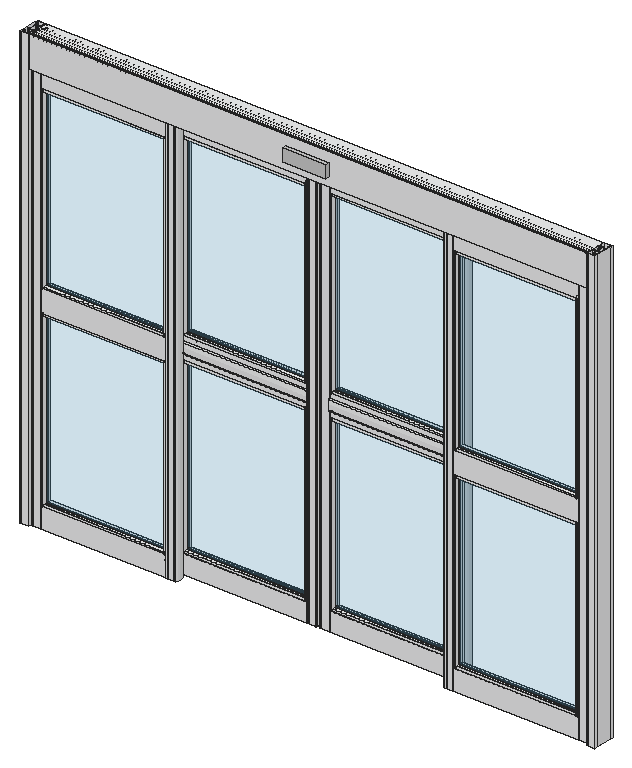
Revit family "2-5-14_Sliding-Door_TX9200SL_Bipart-Outside-Slide-O-SX-SX-O-w-Elec-Lock-Flush-Mnt-Exit-Panic-HDW_Tormax", category Doors, host Wall, Revit 2026
Family settings
  Host = Wall
  Classification Number = 23.30.10.00
  Always vertical = Yes
  Cut with Voids When Loaded = No
  Shared = No
  Room Calculation Point = No
Parameters (values of type "10'-0" Package Width")
  Width = 10' - 0"
  URL = "https://www.tormaxusa.com"
  Thickness = 0' - 4 1/2"  # constant formula
  Specification = "https://www.arcat.com/company/tormax-usa-inc-43969/spec"
  Rough Width = Width + 0' 0 1/2"  # 10' - 0 1/2"
  Rough Height = Height + 0' 0 1/4"  # 7' - 8 1/4"
  Product Page URL = "https://www.arcat.com/arcatcos/cos43/arc43969.html"
  Model = "TX9200SL"
  Manufacturer = "Tormax"
  Keynote = "08 42 29"
  Height = 7' - 8"  # constant formula
  Glass = Glass - Tormax
  Frame Projection Ext. = 0' - 0"
  Frame Projection Int. = 0' - 0"
  Frame Width = 0' - 0"
  Wall Closure = By host
  Door Width = Width / 4 + 0' 0 7/16"  # 2' - 6 7/16"
  Door Height = Height  # 7' - 8"
  Frame Material = Aluminum - Tormax
  Description = "Bipart Outside Slide Application (O-SX-SX-O) w/ Electric Lock & Flush Mount Exit Panic HDW, 10'-0\" Package Width"
  Define Thermal Properties by = Schematic Type
  Copyright = "ARCAT"
  CAD Details = "https://www.arcat.com/company/tormax-usa-inc-43969/cad"
  Analytic Construction = "<None>"
Reference planes (in)
  plane 1 "Center (Front/Back)": y = 0
  plane 2 "Center (Left/Right)": x = 0
  plane 3 "Left": x = -60.25
  plane 4 "Right": x = 60.25
  plane 5 "Top": z = 92.25
  plane 6 "Exterior": y = 3
  plane 7 "Interior": y = -3
  plane 8: x = -0.21875
  plane 9: x = 0.21875
  plane 10: y = -2.25
  plane 11 "4": z = 85.5
  plane 12: x = -60
  plane 13: x = 60
  plane 14: z = 92
  plane 15: y = 2.25
  plane 16: x = -58.24908
  plane 17: x = 58.24908
  plane 18: y = 1.433
  plane 19: y = -0.84
  plane 20: x = -15.4375
  plane 21: x = -30.65625
  plane 22: x = 30.65625
  plane 23: x = 15.4375
Forms (in)
  Extrusion 1, solid, material "Plastic - Tormax - Grey"
    sketch origin (0, 0, 0) x (1, 0, 0) y (0, 0, 1)
      loop
        line (-4.5, 90.055) -> (-4.5, 87.445) -> (4.5, 87.445) -> (4.5, 90.055) -> (-4.5, 90.055)
    from 2.23457 to 3.23457
  Extrusion 2, solid, material "Plastic - Tormax - Grey"
    sketch origin (0, 0, 0) x (1, 0, 0) y (0, 0, 1)
      loop
        line (-4.5, 90.055) -> (-4.5, 87.445) -> (4.5, 87.445) -> (4.5, 90.055) -> (-4.5, 90.055)
    from -3.23036 to -2.23036
  Sweep 3, solid, material "Aluminum - Tormax" <- "Frame Material"
    path origin (0, 0, 0) x (1, 0, 0) y (0, 0, 1)
      loop
        line (-58.24908, 85.5) -> (58.24908, 85.5)
    profile origin (0, 0, 85.5) x (0, 0, 1) y (0, -1, 0)
      loop
        line (5.77619, -2.07466) -> (5.99221, -2.07466) -> (5.99221, -1.99751) -> (5.93513, -1.99751)
        arc (5.93513, -1.99751) -> (5.89217, -1.97971) -> (5.87438, -1.93675) r 0.06075
        line (5.87438, -1.93675) -> (5.87438, -1.35631) -> (6.14932, -1.35631) -> (6.14932, -1.4827) -> (6.22817, -1.4827)
        arc (6.22817, -1.4827) -> (6.39719, -1.79317) -> (6.34244, -2.14241) r 0.55026
        line (6.34244, -2.14241) -> (6.29099, -2.1562) -> (6.29099, -1.87738) -> (5.93246, -1.87738)
        arc (5.93246, -1.87738) -> (5.88314, -1.9267) -> (5.93246, -1.97602) r 0.04932
        line (5.93246, -1.97602) -> (6.03008, -1.97602) -> (6.03008, -2.10552) -> (0.40539, -2.10552) -> (0.40539, -1.68048) -> (0.28141, -1.68048) -> (0.28141, -2.23036) -> (6.5, -2.23036) -> (6.5, 1.72592) -> (6.37515, 1.85076) -> (6.37515, 2.08622)
        arc (6.37515, 2.08622) -> (6.39129, 2.10725) -> (6.41577, 2.09711) r 0.02177
        line (6.41577, 2.09711) -> (6.47243, 1.99896)
        arc (6.47243, 1.99896) -> (6.48905, 1.99208) -> (6.5, 2.00635) r 0.01477
        line (6.5, 2.00635) -> (6.5, 2.23457) -> (0, 2.23457) -> (0, -0.04489) -> (-0.21462, -0.04489) -> (-0.21462, -0.08837) -> (-0.15431, -0.08837) -> (-0.15431, -0.15851) -> (-0.48395, -0.15851) -> (-0.48395, -0.08837) -> (-0.42504, -0.08837) -> (-0.42504, -0.04489) -> (-0.62422, -0.04489) -> (-0.62422, -0.45028) -> (-0.42504, -0.45028) -> (-0.42504, -0.4068) -> (-0.48395, -0.4068) -> (-0.48395, -0.33666) -> (-0.15431, -0.33666) -> (-0.15431, -0.4068) -> (-0.21462, -0.4068) -> (-0.21462, -0.45028) -> (-0.01964, -0.45028) -> (-0.01964, -0.28897) -> (0.23145, -0.28897) -> (0.23145, -0.84785) -> (0.34867, -1.03258)
        arc (0.34867, -1.03258) -> (0.36443, -1.03854) -> (0.37455, -1.02507) r 0.01403
        line (0.37455, -1.02507) -> (0.37455, -0.21669)
        arc (0.37455, -0.21669) -> (0.40392, -0.14579) -> (0.47481, -0.11643) r 0.10026
        line (0.47481, -0.11643) -> (0.59196, -0.11643) -> (0.59196, -0.23145) -> (0.89635, -0.23145) -> (0.89635, -0.1529) -> (0.76309, -0.1529) -> (0.76309, -0.01262) -> (0.8697, -0.01262) -> (0.8697, 0.06867) -> (1.19934, 0.06867) -> (1.19934, -0.01262) -> (1.30595, -0.01262) -> (1.30595, -0.1529) -> (1.17269, -0.1529) -> (1.17269, -0.23145) -> (1.36206, -0.23145) -> (1.43332, -0.07864)
        arc (1.43332, -0.07864) -> (1.6158, 0.06179) -> (1.83569, -0.00654) r 0.25
        line (1.83569, -0.00654) -> (1.96422, -0.13365)
        arc (1.96422, -0.13365) -> (1.99627, -0.15695) -> (2.0338, -0.16963) r 0.13141
        line (2.0338, -0.16963) -> (2.11423, -0.18382)
        arc (2.11423, -0.18382) -> (2.2005, -0.23362) -> (2.23457, -0.32723) r 0.14562
        line (2.23457, -0.32723) -> (2.23457, -0.9202) -> (2.38466, -0.9202) -> (2.38466, 0.06733) -> (2.28156, 0.17043) -> (2.22615, 0.11502) -> (2.32086, 0.02032) -> (2.22127, -0.07928) -> (2.14619, -0.00421) -> (2.08868, -0.06172) -> (1.85512, 0.17184) -> (1.91264, 0.22935) -> (1.83689, 0.3051) -> (1.93648, 0.40469) -> (2.03117, 0.31001) -> (2.08658, 0.36541) -> (1.83128, 0.62071) -> (1.9456, 0.73504) -> (1.9456, 1.35354) -> (1.75483, 1.53331) -> (1.75483, 2.06344) -> (5.84651, 2.06344)
        arc (5.84651, 2.06344) -> (5.93664, 2.02611) -> (5.97397, 1.93598) r 0.12746
        line (5.97397, 1.93598) -> (5.97397, 1.7394) -> (6.05393, 1.7394) -> (6.05393, 1.87407) -> (6.1928, 1.87407) -> (6.1928, 1.76475) -> (6.24189, 1.76475) -> (6.24189, 1.43623) -> (6.1928, 1.43623) -> (6.1928, 1.3298) -> (6.05393, 1.3298) -> (6.05393, 1.46306) -> (5.97397, 1.46306) -> (5.97397, 1.25125) -> (6.27276, 1.25125) -> (6.27276, 1.32981)
        arc (6.27276, 1.32981) -> (6.30151, 1.35856) -> (6.33027, 1.32981) r 0.02876
        line (6.33027, 1.32981) -> (6.33027, 0.99434)
        arc (6.33027, 0.99434) -> (6.30151, 0.96559) -> (6.27276, 0.99434) r 0.02876
        line (6.27276, 0.99434) -> (6.27276, 1.0731) -> (5.97397, 1.0731) -> (5.97397, 0.85988) -> (6.05393, 0.85988) -> (6.05393, 0.99314) -> (6.1928, 0.99314) -> (6.1928, 0.88653) -> (6.33027, 0.88653) -> (6.33027, 0.55689) -> (6.1928, 0.55689) -> (6.1928, 0.45028) -> (6.05393, 0.45028) -> (6.05393, 0.58354) -> (5.97397, 0.58354) -> (5.97397, 0.37032) -> (6.27276, 0.37032) -> (6.27276, 0.44908)
        arc (6.27276, 0.44908) -> (6.30151, 0.47783) -> (6.33027, 0.44908) r 0.02876
        line (6.33027, 0.44908) -> (6.33027, 0.11503)
        arc (6.33027, 0.11503) -> (6.30151, 0.08627) -> (6.27276, 0.11503) r 0.02876
        line (6.27276, 0.11503) -> (6.27276, 0.19378) -> (5.97397, 0.19378) -> (5.97397, -0.01944) -> (6.05393, -0.01944) -> (6.05393, 0.11382) -> (6.1928, 0.11382) -> (6.1928, 0.00721) -> (6.33027, 0.00721) -> (6.33027, -0.32403) -> (6.1928, -0.32403) -> (6.1928, -0.42995) -> (6.05393, -0.42995) -> (6.05393, -0.29669) -> (5.97397, -0.29669) -> (5.97397, -0.53164) -> (6.03429, -0.53164) -> (6.03429, -0.64246) -> (6.11284, -0.64246) -> (6.11284, -0.53164) -> (6.25171, -0.53164) -> (6.25171, -1.15867) -> (6.06795, -1.15867) -> (6.03942, -1.11939) -> (5.97397, -1.11939) -> (5.97397, -1.1664)
        arc (5.97397, -1.1664) -> (5.95775, -1.20557) -> (5.91858, -1.22179) r 0.05539
        line (5.91858, -1.22179) -> (5.77619, -1.22179) -> (5.77619, -2.07466)
      loop
        line (0.07995, 1.86565) -> (0.07995, 0.39978) -> (0.26091, 0.39978) -> (0.26091, 0.28335) -> (0.3058, 0.2539) -> (0.3058, 0.03421) -> (0.47711, 0.03365) -> (0.7408, 0.21838) -> (1.4982, 0.21838) -> (1.69036, 0.25479) -> (1.69036, 0.66367) -> (1.33962, 0.66367) -> (1.33962, 0.89776) -> (1.41957, 0.89776) -> (1.41957, 0.76309) -> (1.55985, 0.76309) -> (1.55985, 0.8711) -> (1.75062, 0.8711) -> (1.75062, 1.20075) -> (1.55985, 1.20075) -> (1.55985, 1.30735) -> (1.41957, 1.30735) -> (1.41957, 1.17409) -> (1.33962, 1.17409) -> (1.33962, 1.38773) -> (1.5851, 1.38773) -> (1.5851, 2.06344) -> (0.30619, 2.06344) -> (0.30619, 1.97106) -> (0.26091, 1.94734) -> (0.26091, 1.86565) -> (0.07995, 1.86565)
      loop
        line (0, -2.10973) -> (0, -1.55985) -> (2.37204, -1.55985)
        arc (2.37204, -1.55985) -> (2.41952, -1.67959) -> (2.53701, -1.73239) r 0.17128
        line (2.53701, -1.73239) -> (2.78024, -1.73239) -> (2.78024, -1.49813) -> (2.70028, -1.49813) -> (2.70028, -1.63279) -> (2.56141, -1.63279) -> (2.56141, -1.52478) -> (2.46883, -1.52478) -> (2.46883, -1.19514) -> (2.56141, -1.19514) -> (2.56141, -1.08853) -> (2.70028, -1.08853) -> (2.70028, -1.22179) -> (2.78024, -1.22179) -> (2.78024, -0.98753) -> (2.53714, -0.98753)
        arc (2.53714, -0.98753) -> (2.41956, -1.04028) -> (2.37204, -1.16007) r 0.17128
        line (2.37204, -1.16007) -> (0.00631, -1.16007) -> (0.00631, -0.61019) -> (-0.98473, -0.61019) -> (-0.98473, -1.53213)
        arc (-0.98473, -1.53213) -> (-0.9181, -1.59876) -> (-0.85147, -1.53213) r 0.06663
        line (-0.85147, -1.53213) -> (-0.85147, -1.2004)
        arc (-0.85147, -1.2004) -> (-0.77362, -1.12255) -> (-0.69577, -1.2004) r 0.07785
        line (-0.69577, -1.2004) -> (-0.69577, -1.68329) -> (-0.67052, -1.92596) -> (-0.67052, -2.10973) -> (0, -2.10973)
  Sweep 4, solid, material "Aluminum - Tormax" <- "Frame Material"
    path origin (0, 0, 0) x (1, 0, 0) y (0, 0, 1)
      loop
        line (-60, 92) -> (-60, 0)
    profile origin (-60, 0, 46) x (0, -1, 0) y (1, 0, 0)
      loop
        line (-2.25, 0) -> (-1.81515, 0) -> (-1.81515, 0.11322) -> (-1.69933, 0.11322)
        arc (-1.69933, 0.11322) -> (-1.69067, 0.15137) -> (-1.70596, 0.18738) r 0.06366
        line (-1.70596, 0.18738) -> (-1.81808, 0.18738)
        arc (-1.81808, 0.18738) -> (-1.86945, 0.1699) -> (-1.89951, 0.12472) r 0.08425
        line (-1.89951, 0.12472) -> (-2.12383, 0.12472) -> (-2.12383, 1.62444) -> (-1.01125, 1.62444)
        arc (-1.01125, 1.62444) -> (-0.97854, 1.4893) -> (-0.88136, 1.38986) r 0.2623
        line (-0.88136, 1.38986) -> (-0.88136, 0.87481)
        arc (-0.88136, 0.87481) -> (-0.81729, 0.72014) -> (-0.66261, 0.65607) r 0.21875
        line (-0.66261, 0.65607) -> (0.66817, 0.65607)
        arc (0.66817, 0.65607) -> (0.82039, 0.71912) -> (0.88344, 0.87134) r 0.21527
        line (0.88344, 0.87134) -> (0.88344, 1.39109)
        arc (0.88344, 1.39109) -> (0.97912, 1.49036) -> (1.01125, 1.62444) r 0.2623
        line (1.01125, 1.62444) -> (2.12383, 1.62444) -> (2.12383, 0.12472) -> (1.89951, 0.12472)
        arc (1.89951, 0.12472) -> (1.86945, 0.1699) -> (1.81808, 0.18738) r 0.08425
        line (1.81808, 0.18738) -> (1.71377, 0.18738)
        arc (1.71377, 0.18738) -> (1.69848, 0.15137) -> (1.70714, 0.11322) r 0.06366
        line (1.70714, 0.11322) -> (1.80734, 0.11322) -> (1.80734, 0) -> (2.25, 0) -> (2.25, 1.75092) -> (0.85905, 1.75092) -> (0.85905, 1.49159) -> (0.72205, 1.49159) -> (0.72205, 1.6564) -> (0.66591, 1.6564) -> (0.66591, 1.42631) -> (0.75855, 1.42631) -> (0.75855, 0.87892)
        arc (0.75855, 0.87892) -> (0.72992, 0.80981) -> (0.6608, 0.78118) r 0.09775
        line (0.6608, 0.78118) -> (-0.65544, 0.78118)
        arc (-0.65544, 0.78118) -> (-0.72688, 0.81077) -> (-0.75647, 0.88221) r 0.10104
        line (-0.75647, 0.88221) -> (-0.75647, 1.42631) -> (-0.65809, 1.42631) -> (-0.65809, 1.65835) -> (-0.72205, 1.65835) -> (-0.72205, 1.49159) -> (-0.85868, 1.49159) -> (-0.85868, 1.75092) -> (-2.25, 1.75092) -> (-2.25, 0)
      loop
        line (-1.77192, 0) -> (1.76565, 0) -> (1.76565, 0.07235) -> (1.60504, 0.07235) -> (1.60504, 0.18932) -> (1.6607, 0.18932) -> (1.59241, 0.37695)
        arc (1.59241, 0.37695) -> (1.54664, 0.39829) -> (1.52529, 0.35252) r 0.03571
        line (1.52529, 0.35252) -> (1.57291, 0.22167) -> (1.53738, 0.20277) -> (1.53738, 0.07235) -> (0.63819, 0.07235) -> (0.63819, 0.55414) -> (0.55418, 0.55414) -> (0.55418, 0.07235) -> (-1.53738, 0.07235) -> (-1.53738, 0.20277) -> (-1.57291, 0.22167) -> (-1.52529, 0.35252)
        arc (-1.52529, 0.35252) -> (-1.54664, 0.39829) -> (-1.59241, 0.37695) r 0.03571
        line (-1.59241, 0.37695) -> (-1.6607, 0.18932) -> (-1.60504, 0.18932) -> (-1.60504, 0.07235) -> (-1.77192, 0.07235) -> (-1.77192, 0)
      loop
        line (-0.57123, 1.42631) -> (-0.50727, 1.42631) -> (-0.50727, 1.69246) -> (0.50727, 1.69246) -> (0.50727, 1.42631) -> (0.57123, 1.42631) -> (0.57123, 1.69246) -> (0.72205, 1.69246) -> (0.72205, 1.75092) -> (-0.72205, 1.75092) -> (-0.72205, 1.69246) -> (-0.57123, 1.69246) -> (-0.57123, 1.42631)
  Sweep 5, solid, material "Aluminum - Tormax" <- "Frame Material"
    path origin (0, 0, 0) x (-1, 0, 0) y (0, 0, -1)
      loop
        line (-60, -92) -> (-60, 0)
    profile origin (60, 0, 46) x (0, -1, 0) y (1, 0, 0)
      loop
        line (-2.25, 0) -> (-2.25, -1.75092) -> (-0.85868, -1.75092) -> (-0.85868, -1.49159) -> (-0.72205, -1.49159) -> (-0.72205, -1.65835) -> (-0.65809, -1.65835) -> (-0.65809, -1.42631) -> (-0.75647, -1.42631) -> (-0.75647, -0.88221)
        arc (-0.75647, -0.88221) -> (-0.72688, -0.81077) -> (-0.65544, -0.78118) r 0.10104
        line (-0.65544, -0.78118) -> (0.6608, -0.78118)
        arc (0.6608, -0.78118) -> (0.72992, -0.80981) -> (0.75855, -0.87892) r 0.09775
        line (0.75855, -0.87892) -> (0.75855, -1.42631) -> (0.66591, -1.42631) -> (0.66591, -1.6564) -> (0.72205, -1.6564) -> (0.72205, -1.49159) -> (0.85905, -1.49159) -> (0.85905, -1.75092) -> (2.25, -1.75092) -> (2.25, 0) -> (1.80734, 0) -> (1.80734, -0.11322) -> (1.70714, -0.11322)
        arc (1.70714, -0.11322) -> (1.69848, -0.15137) -> (1.71377, -0.18738) r 0.06366
        line (1.71377, -0.18738) -> (1.81808, -0.18738)
        arc (1.81808, -0.18738) -> (1.86945, -0.1699) -> (1.89951, -0.12472) r 0.08425
        line (1.89951, -0.12472) -> (2.12383, -0.12472) -> (2.12383, -1.62444) -> (1.01125, -1.62444)
        arc (1.01125, -1.62444) -> (0.97912, -1.49036) -> (0.88344, -1.39109) r 0.2623
        line (0.88344, -1.39109) -> (0.88344, -0.87134)
        arc (0.88344, -0.87134) -> (0.82039, -0.71912) -> (0.66817, -0.65607) r 0.21527
        line (0.66817, -0.65607) -> (-0.66261, -0.65607)
        arc (-0.66261, -0.65607) -> (-0.81729, -0.72014) -> (-0.88136, -0.87481) r 0.21875
        line (-0.88136, -0.87481) -> (-0.88136, -1.38986)
        arc (-0.88136, -1.38986) -> (-0.97854, -1.4893) -> (-1.01125, -1.62444) r 0.2623
        line (-1.01125, -1.62444) -> (-2.12383, -1.62444) -> (-2.12383, -0.12472) -> (-1.89951, -0.12472)
        arc (-1.89951, -0.12472) -> (-1.86945, -0.1699) -> (-1.81808, -0.18738) r 0.08425
        line (-1.81808, -0.18738) -> (-1.70596, -0.18738)
        arc (-1.70596, -0.18738) -> (-1.69067, -0.15137) -> (-1.69933, -0.11322) r 0.06366
        line (-1.69933, -0.11322) -> (-1.81515, -0.11322) -> (-1.81515, 0) -> (-2.25, 0)
      loop
        line (-1.77192, 0) -> (-1.77192, -0.07235) -> (-1.60504, -0.07235) -> (-1.60504, -0.18932) -> (-1.6607, -0.18932) -> (-1.59241, -0.37695)
        arc (-1.59241, -0.37695) -> (-1.54664, -0.39829) -> (-1.52529, -0.35252) r 0.03571
        line (-1.52529, -0.35252) -> (-1.57291, -0.22167) -> (-1.53738, -0.20277) -> (-1.53738, -0.07235) -> (0.55418, -0.07235) -> (0.55418, -0.55414) -> (0.63819, -0.55414) -> (0.63819, -0.07235) -> (1.53738, -0.07235) -> (1.53738, -0.20277) -> (1.57291, -0.22167) -> (1.52529, -0.35252)
        arc (1.52529, -0.35252) -> (1.54664, -0.39829) -> (1.59241, -0.37695) r 0.03571
        line (1.59241, -0.37695) -> (1.6607, -0.18932) -> (1.60504, -0.18932) -> (1.60504, -0.07235) -> (1.76565, -0.07235) -> (1.76565, 0) -> (-1.77192, 0)
      loop
        line (-0.57123, -1.42631) -> (-0.57123, -1.69246) -> (-0.72205, -1.69246) -> (-0.72205, -1.75092) -> (0.72205, -1.75092) -> (0.72205, -1.69246) -> (0.57123, -1.69246) -> (0.57123, -1.42631) -> (0.50727, -1.42631) -> (0.50727, -1.69246) -> (-0.50727, -1.69246) -> (-0.50727, -1.42631) -> (-0.57123, -1.42631)
Lines and regions (in)
  Opening 1
    outline origin (-90, -3, 0) x (1, 0, 0) y (0, 0, 1)
      loop
        line (29.75, 0) -> (150.25, 0) -> (150.25, 92.25) -> (29.75, 92.25) -> (29.75, 0)
  symbolic lines
    curve 1: line (-18.4375, 6.25114, 0) -> (-17.13846, 7.00114, 0)
    curve 2: line (-18.4375, 6.25114, 0) -> (-17.13846, 5.50114, 0)
    curve 5: line (-18.4375, 6.25114, 0) -> (-15.4375, 6.25114, 0)
    curve 6: line (-15.4375, 6.25114, 0) -> (-12.4375, 6.25114, 0)
    curve 9: line (-18.4375, 0, 48.75) -> (-17.13846, 0, 49.5)
    curve 10: line (-18.4375, 0, 48.75) -> (-17.13846, 0, 48)
    curve 11: line (-18.4375, 0, 48.75) -> (-15.4375, 0, 48.75)
    curve 12: line (-15.4375, 0, 48.75) -> (-12.4375, 0, 48.75)
    curve 17: arc (-60.25, 2.25, 0) -> (-60.125, 2.20201, 0) -> (-60, 2.25, 0) r 0.1868
    curve 18: arc (-60.25, -2.25, 0) -> (-60.125, -2.20201, 0) -> (-60, -2.25, 0) r 0.1868
    curve 19: arc (60.25, 2.25, 0) -> (60.125, 2.20201, 0) -> (60, 2.25, 0) r 0.1868
    curve 20: arc (60.25, -2.25, 0) -> (60.125, -2.20201, 0) -> (60, -2.25, 0) r 0.1868
    curve 21: arc (0, -2.25, 92.25) -> (0, -2.20222, 92.125) -> (0, -2.25, 92) r 0.18739
    curve 22: arc (0, 2.25, 92.25) -> (0, 2.20222, 92.125) -> (0, 2.25, 92) r 0.18739
    curve 23: line (18.4375, 6.25114, 0) -> (17.13846, 7.00114, 0)
    curve 24: line (18.4375, 6.25114, 0) -> (17.13846, 5.50114, 0)
    curve 25: line (18.4375, 6.25114, 0) -> (15.4375, 6.25114, 0)
    curve 26: line (15.4375, 6.25114, 0) -> (12.4375, 6.25114, 0)
    curve 27: line (18.4375, 0, 48.75) -> (17.13846, 0, 49.5)
    curve 28: line (18.4375, 0, 48.75) -> (17.13846, 0, 48)
    curve 29: line (18.4375, 0, 48.75) -> (15.4375, 0, 48.75)
    curve 30: line (15.4375, 0, 48.75) -> (12.4375, 0, 48.75)
  symbolic lines, not visible
    curve 3: line (-27.55636, -4.55425, 0) -> (-26.25733, -3.80425, 0)
    curve 4: line (-27.55636, -4.55425, 0) -> (-26.25733, -5.30425, 0)
    curve 7: line (-27.55636, -4.55425, 0) -> (-24.55636, -4.55425, 0)
    curve 8: line (-24.55636, -4.55425, 0) -> (-21.55636, -4.55425, 0)
    curve 13: line (22.54055, 0, 51.7829) -> (23.83959, 0, 52.5329)
    curve 14: line (22.54055, 0, 51.7829) -> (23.83959, 0, 51.0329)
    curve 15: line (22.54055, 0, 51.7829) -> (25.54055, 0, 51.7829)
    curve 16: line (25.54055, 0, 51.7829) -> (28.54055, 0, 51.7829)
Text (in)
  text "Exterior" at (-113.21489, 18.10183, 0), in view "Ref. Level"
  text "Interior" at (-113.21489, -11.36704, 0), in view "Ref. Level"
  text "Exterior" at (0, 40.15149, 123.01588), in view "Right"
  text "Interior" at (0, -64.39139, 123.01588), in view "Right"
  text "Interior" at (0, -31.01599, 123.00693), in view "Left"
  text "Exterior" at (0, 54.57065, 123.00693), in view "Left"
Dimensions and locks (in)
  "Rough Height": host wall to plane 5 "Top"
  equal spacing: plane 3 "Left", plane 2 "Center (Left/Right)", plane 4 "Right"
  "Rough Width": plane 3 "Left" to plane 4 "Right"
  equal spacing: plane 12, plane 2 "Center (Left/Right)", plane 13
  "Width": plane 12 to plane 13
  "Door Height": plane 14 to level
  plane 14 to plane 11 "4" = 0' - 6 1/2"
  locked: plane 11 "4" to level at 85.5
  locked: plane 12 to plane 16 at 1.75092
  locked: plane 17 to plane 13 at 1.75092
  equal spacing: plane 8, plane 2 "Center (Left/Right)", plane 9
  plane 8 to plane 9 = 0' - 0 7/16"
  plane 2 "Center (Left/Right)" to plane 9 = 0' - 0 7/32"
  locked: plane 10 to plane 19 at 1.41
  locked: plane 18 to plane 15 at 0.817
  locked: plane 15 to curve 6 at 4.00114
  equal spacing: Extrusion 1 sketch curve, plane 2 "Center (Left/Right)", Extrusion 1 sketch curve
  Extrusion 1 sketch curve to Extrusion 1 sketch curve to plane 11 "4" = 0' - 2.61" locked, 0' - 1.945" locked
  equal spacing: Extrusion 2 sketch curve, plane 2 "Center (Left/Right)", Extrusion 2 sketch curve
  Extrusion 2 sketch curve to Extrusion 2 sketch curve to plane 11 "4" = 0' - 2.61" locked, 0' - 1.945" locked
  Extrusion 1 to plane 10 = 0' - 0.98457"
  plane 15 to Extrusion 2 = 0' - 0.98036"
  locked: Extrusion 1 to plane 10 at 0.98457
  locked: plane 15 to Extrusion 2 at 0.98036
  equal spacing: plane 21, plane 20, plane 8
  equal spacing: plane 9, plane 23, plane 22
  "Door Width": plane 21 to plane 8
  "Door Width": plane 9 to plane 22
  locked: curve 26 to plane 15 at 4.00114
  locked: Extrusion 2 sketch curve to Extrusion 2 sketch curve at 9
  locked: Extrusion 1 sketch curve to Extrusion 1 sketch curve at 9
  aligned and locked: Opening 1 sketch curve to level
  aligned and locked: plane 6 "Exterior" to host wall
  aligned and locked: plane 7 "Interior" to host wall
  aligned and locked: Opening 1 sketch curve to plane 3 "Left"
  aligned and locked: Opening 1 sketch curve to plane 4 "Right"
  aligned and locked: plane 5 "Top" to Opening 1 sketch curve
  aligned and locked: nested 1 to plane 16
  aligned and locked: plane 3 "Left" to curve 17
  aligned and locked: plane 15 to curve 17  (x2)
  aligned and locked: plane 12 to curve 17
  aligned and locked: plane 10 to curve 18  (x2)
  aligned and locked: plane 12 to curve 18
  aligned and locked: plane 3 "Left" to curve 18
  aligned and locked: plane 13 to curve 19
  aligned and locked: plane 4 "Right" to curve 19
  aligned and locked: plane 15 to curve 19  (x2)
  aligned and locked: plane 10 to curve 20  (x2)
  aligned and locked: plane 13 to curve 20
  aligned and locked: plane 4 "Right" to curve 20
  aligned and locked: plane 5 "Top" to curve 21
  aligned and locked: plane 14 to curve 21
  aligned and locked: plane 10 to curve 21  (x2)
  aligned and locked: plane 5 "Top" to curve 22
  aligned and locked: plane 15 to curve 22  (x2)
  aligned and locked: plane 14 to curve 22
  aligned and locked: plane 20 to curve 12
  aligned and locked: plane 20 to curve 6
  aligned and locked: plane 11 "4" to Sweep 3 sketch curve  (x2)
  aligned and locked: Sweep 4 sketch curve to plane 16  (x3)
  aligned and locked: plane 12 to Sweep 4 sketch curve  (x3)
  aligned and locked: plane 13 to Sweep 5 sketch curve  (x3)
  aligned and locked: plane 17 to Sweep 5 sketch curve  (x3)
  aligned and locked: plane 10 to Sweep 5 sketch curve
  aligned and locked: Sweep 5 sketch curve to plane 15
  aligned and locked: plane 15 to Sweep 4 sketch curve
  aligned and locked: Sweep 4 sketch curve to plane 10
  aligned and locked: Sweep 5 sketch curve to plane 13
  aligned and locked: plane 14 to Sweep 5 sketch curve
  aligned and locked: plane 8 to nested 2
  aligned and locked: nested 2 to plane 18
  aligned and locked: plane 18 to nested 3
  aligned and locked: nested 3 to plane 9
  aligned and locked: nested 4 to plane 19
  aligned and locked: plane 17 to nested 4
  aligned and locked: plane 19 to nested 1
  aligned and locked: plane 23 to curve 26
  aligned and locked: plane 23 to curve 30
  aligned and locked: Sweep 3 sketch curve to profile plane
Automatic sketch dimensions
  curve 1 to curve 2 = 0' - 0"
  curve 2 to curve 5 = 0' - 1.70096"
  curve 2 to curve 1 = 0' - 1 1/2"
  curve 1 to curve 6 = 0' - 3"
  curve 5 to curve 6 = 0' - 3"
  curve 2 to curve 1 = 0' - 0 3/4"
  curve 3 to curve 4 = 0' - 0"
  curve 4 to curve 7 = 0' - 1.70096"
  curve 4 to curve 3 = 0' - 1 1/2"
  curve 3 to curve 8 = 0' - 3"
  curve 7 to curve 8 = 0' - 3"
  curve 4 to curve 3 = 0' - 0 3/4"
  Sweep 3 sketch curve to plane 16 = 0' - 0"
  plane 17 to Sweep 3 sketch curve = 0' - 0"
  Sweep 5 sketch curve to level = 0' - 0"
  profile plane to Sweep 3 sketch curve = 0' - 0.01964"
  Sweep 3 sketch curve to Sweep 3 sketch curve = 0' - 0.13466"  (x3)
  profile plane to Sweep 3 sketch curve = 0' - 0.15431"
  Sweep 3 sketch curve to Sweep 3 sketch curve = 0' - 0.06032"  (x3)
  Sweep 3 sketch curve to Sweep 3 sketch curve = 0' - 0.21041"  (x2)
  Sweep 3 sketch curve to plane 1 "Center (Front/Back)" = 0' - 0.08837"
  Sweep 3 sketch curve to Sweep 3 sketch curve = 0' - 0.05891"  (x2)
  Sweep 3 sketch curve to plane 1 "Center (Front/Back)" = 0' - 0.04489"  (x2)
  Sweep 3 sketch curve to Sweep 3 sketch curve = 0' - 0.14027"  (x2)
  profile plane to Sweep 3 sketch curve = 0' - 0.67052"
  Sweep 3 sketch curve to Sweep 3 sketch curve = 0' - 0.02525"
  Sweep 3 sketch curve to Sweep 3 sketch curve = 0' - 0.07785"
  Sweep 3 sketch curve to Sweep 3 sketch curve = 0' - 0.06663"
  Sweep 3 sketch curve to profile plane = 0' - 0.00631"
  Sweep 3 sketch curve to profile plane = 0' - 0.07995"  (x2)
  Sweep 3 sketch curve to profile plane = 0' - 0.23145"
  Sweep 3 sketch curve to Sweep 3 sketch curve = 0' - 0.18095"  (x2)
  Sweep 3 sketch curve to profile plane = 0' - 0.28141"
  plane 1 "Center (Front/Back)" to Sweep 3 sketch curve = 0' - 0.03421"
  Sweep 3 sketch curve to Sweep 3 sketch curve = 0' - 0.04489"
  Sweep 3 sketch curve to Sweep 3 sketch curve = 0' - 0.04528"
  Sweep 3 sketch curve to Sweep 3 sketch curve = 0' - 0.11722"
  Sweep 3 sketch curve to Sweep 3 sketch curve = 0' - 0.01185"
  Sweep 3 sketch curve to Sweep 3 sketch curve = 0' - 0.01403"
  Sweep 3 sketch curve to Sweep 3 sketch curve = 0' - 0.12398"
  Sweep 3 sketch curve to Sweep 3 sketch curve = 0' - 0.10026"
  plane 1 "Center (Front/Back)" to Sweep 3 sketch curve = 0' - 0.03365"
  Sweep 3 sketch curve to Sweep 3 sketch curve = 0' - 0.0023"
  Sweep 3 sketch curve to Sweep 3 sketch curve = 0' - 0.11715"
  Sweep 3 sketch curve to Sweep 3 sketch curve = 0' - 0.26369"
  Sweep 3 sketch curve to Sweep 3 sketch curve = 0' - 0.17113"
  Sweep 3 sketch curve to Sweep 3 sketch curve = 0' - 0.10661"  (x4)
  Sweep 3 sketch curve to Sweep 3 sketch curve = 0' - 0.13326"  (x6)
  Sweep 3 sketch curve to Sweep 3 sketch curve = 0' - 0.27634"  (x5)
  Sweep 3 sketch curve to plane 1 "Center (Front/Back)" = 0' - 0.01262"  (x2)
  Sweep 3 sketch curve to Sweep 3 sketch curve = 0' - 0.02665"  (x4)
  Sweep 3 sketch curve to Sweep 3 sketch curve = 0' - 0"  (x9)
  Sweep 3 sketch curve to plane 1 "Center (Front/Back)" = 0' - 0.23145"  (x2)
  Sweep 3 sketch curve to Sweep 3 sketch curve = 0' - 0.05611"
  Sweep 3 sketch curve to Sweep 3 sketch curve = 0' - 0.07996"  (x15)
  Sweep 3 sketch curve to plane 1 "Center (Front/Back)" = 0' - 0.07864"
  Sweep 3 sketch curve to Sweep 3 sketch curve = 0' - 0.12737"
  plane 1 "Center (Front/Back)" to Sweep 3 sketch curve = 0' - 0.21838"
  Sweep 3 sketch curve to Sweep 3 sketch curve = 0' - 0.19224"
  Sweep 3 sketch curve to Sweep 3 sketch curve = 0' - 0.14028"  (x2)
  Sweep 3 sketch curve to Sweep 3 sketch curve = 0' - 0.24548"
  Sweep 3 sketch curve to Sweep 3 sketch curve = 0' - 0 29/128"
  Sweep 3 sketch curve to Sweep 3 sketch curve = 0' - 0.13051"
  Sweep 3 sketch curve to Sweep 3 sketch curve = 0' - 0.19077"
  Sweep 3 sketch curve to Sweep 3 sketch curve = 0' - 0.16973"
  plane 1 "Center (Front/Back)" to Sweep 3 sketch curve = 0' - 0.62071"
  Sweep 3 sketch curve to Sweep 3 sketch curve = 0' - 0.14093"
  Sweep 3 sketch curve to plane 1 "Center (Front/Back)" = 0' - 0.00654"
  Sweep 3 sketch curve to Sweep 3 sketch curve = 0' - 0 45/256"
  Sweep 3 sketch curve to Sweep 3 sketch curve = 0' - 0.14653"
  plane 1 "Center (Front/Back)" to Sweep 3 sketch curve = 0' - 0.17184"
  Sweep 3 sketch curve to Sweep 3 sketch curve = 0' - 0.01823"
  plane 1 "Center (Front/Back)" to Sweep 3 sketch curve = 0' - 0.22935"
  Sweep 3 sketch curve to Sweep 3 sketch curve = 0' - 0.05751"
  plane 1 "Center (Front/Back)" to Sweep 3 sketch curve = 0' - 0.40469"
  Sweep 3 sketch curve to Sweep 3 sketch curve = 0' - 0.19498"
  Sweep 3 sketch curve to plane 1 "Center (Front/Back)" = 0' - 0.13365"
  Sweep 3 sketch curve to Sweep 3 sketch curve = 0' - 0.12852"
  plane 1 "Center (Front/Back)" to Sweep 3 sketch curve = 0' - 0.31001"
  Sweep 3 sketch curve to plane 1 "Center (Front/Back)" = 0' - 0.16963"
  Sweep 3 sketch curve to Sweep 3 sketch curve = 0' - 0.06959"
  Sweep 3 sketch curve to plane 1 "Center (Front/Back)" = 0' - 0.04022"
  Sweep 3 sketch curve to plane 1 "Center (Front/Back)" = 0' - 0.06172"
  Sweep 3 sketch curve to Sweep 3 sketch curve = 0' - 0.05514"
  Sweep 3 sketch curve to plane 1 "Center (Front/Back)" = 0' - 0.18382"
  Sweep 3 sketch curve to Sweep 3 sketch curve = 0' - 0.08043"
  Sweep 3 sketch curve to plane 1 "Center (Front/Back)" = 0' - 0.00421"
  Sweep 3 sketch curve to plane 1 "Center (Front/Back)" = 0' - 0.07928"
  plane 1 "Center (Front/Back)" to Sweep 3 sketch curve = 0' - 0.11502"
  Sweep 3 sketch curve to Sweep 3 sketch curve = 0' - 0.14562"
  plane 1 "Center (Front/Back)" to Sweep 3 sketch curve = 0' - 0.17043"
  Sweep 3 sketch curve to Sweep 3 sketch curve = 0' - 0.13747"  (x2)
  Sweep 3 sketch curve to Sweep 3 sketch curve = 0' - 0.15009"
  Sweep 3 sketch curve to Sweep 3 sketch curve = 0' - 0.09679"
  Sweep 3 sketch curve to Sweep 3 sketch curve = 0' - 0.06818"
  Sweep 3 sketch curve to Sweep 3 sketch curve = 0' - 0.15248"
  Sweep 3 sketch curve to Sweep 3 sketch curve = 0' - 0.07449"  (x2)
  Sweep 3 sketch curve to Sweep 3 sketch curve = 0' - 0.01809"  (x2)
  Sweep 3 sketch curve to Sweep 3 sketch curve = 0' - 0.13887"  (x7)
  Sweep 3 sketch curve to Sweep 3 sketch curve = 0' - 0.65349"
  Sweep 3 sketch curve to Sweep 3 sketch curve = 0' - 0.07881"
  Sweep 3 sketch curve to Sweep 3 sketch curve = 0' - 0.09819"
  Sweep 3 sketch curve to Sweep 3 sketch curve = 0' - 0.1424"
  Sweep 3 sketch curve to Sweep 3 sketch curve = 0' - 0.07746"
  Sweep 3 sketch curve to Sweep 3 sketch curve = 0' - 0.00267"
  Sweep 3 sketch curve to Sweep 3 sketch curve = 0' - 0.05539"
  plane 1 "Center (Front/Back)" to Sweep 3 sketch curve = 0' - 0.19378"
  Sweep 3 sketch curve to Sweep 3 sketch curve = 0' - 0.12746"  (x2)
  Sweep 3 sketch curve to Sweep 3 sketch curve = 0' - 0.05708"
  Sweep 3 sketch curve to Sweep 3 sketch curve = 0' - 0.03787"
  Sweep 3 sketch curve to plane 1 "Center (Front/Back)" = 0' - 1.11939"
  Sweep 3 sketch curve to Sweep 3 sketch curve = 0' - 0.06545"
  Sweep 3 sketch curve to plane 1 "Center (Front/Back)" = 0' - 0.01944"
  Sweep 3 sketch curve to Sweep 3 sketch curve = 0' - 0.01964"
  Sweep 3 sketch curve to Sweep 3 sketch curve = 0' - 0.02854"
  Sweep 3 sketch curve to Sweep 3 sketch curve = 0' - 0.07855"  (x4)
  Sweep 3 sketch curve to Sweep 3 sketch curve = 0' - 0.27494"
  Sweep 3 sketch curve to Sweep 3 sketch curve = 0' - 0.07995"
  plane 1 "Center (Front/Back)" to Sweep 3 sketch curve = 0' - 0.00721"
  Sweep 3 sketch curve to Sweep 3 sketch curve = 0' - 0.07885"
  Sweep 3 sketch curve to Sweep 3 sketch curve = 0' - 0.0491"
  Sweep 3 sketch curve to Sweep 3 sketch curve = 0' - 0.05892"
  Sweep 3 sketch curve to Sweep 3 sketch curve = 0' - 0.26091"
  Sweep 3 sketch curve to Sweep 3 sketch curve = 0' - 0.02876"  (x2)
  Sweep 3 sketch curve to plane 1 "Center (Front/Back)" = 0' - 2.14241"
  Sweep 3 sketch curve to Sweep 3 sketch curve = 0' - 0.05145"
  Sweep 3 sketch curve to Sweep 3 sketch curve = 0' - 0.12485"  (x2)
  Sweep 3 sketch curve to Sweep 3 sketch curve = 0' - 0.02177"
  plane 1 "Center (Front/Back)" to Sweep 3 sketch curve = 0' - 2.09711"
  Sweep 3 sketch curve to Sweep 3 sketch curve = 0' - 0.01885"
  plane 1 "Center (Front/Back)" to Sweep 3 sketch curve = 0' - 1.99896"
  Sweep 3 sketch curve to Sweep 3 sketch curve = 0' - 0.02757"
  Sweep 3 sketch curve to Sweep 3 sketch curve = 0' - 0.01279"
  Sweep 3 sketch curve to Sweep 3 sketch curve = 0' - 0.08795"
  Sweep 3 sketch curve to Sweep 3 sketch curve = 0' - 0.01379"
  Sweep 3 sketch curve to Sweep 3 sketch curve = 0' - 0.12064"
  Sweep 3 sketch curve to Sweep 3 sketch curve = 0' - 0.05068"
  Sweep 3 sketch curve to Sweep 3 sketch curve = 0' - 0.03086"
  Sweep 3 sketch curve to Sweep 3 sketch curve = 0' - 0.07715"
  Sweep 3 sketch curve to Sweep 3 sketch curve = 0' - 0.02148"
  Sweep 3 sketch curve to Sweep 3 sketch curve = 0' - 0.01005"
  Sweep 3 sketch curve to Sweep 3 sketch curve = 0' - 0.18376"
  Sweep 3 sketch curve to Sweep 3 sketch curve = 0' - 0.04966"
  Sweep 3 sketch curve to Sweep 3 sketch curve = 0' - 1.40516"
  Sweep 3 sketch curve to Sweep 3 sketch curve = 0' - 0.24267"
  Sweep 3 sketch curve to Sweep 3 sketch curve = 0' - 0.42503"
  Sweep 3 sketch curve to Sweep 3 sketch curve = 0' - 0.09959"
  Sweep 3 sketch curve to Sweep 3 sketch curve = 0' - 0.07158"
  Sweep 3 sketch curve to Sweep 3 sketch curve = 0' - 0.15116"
  Sweep 3 sketch curve to Sweep 3 sketch curve = 0' - 0.03644"  (x2)
  Sweep 3 sketch curve to Sweep 3 sketch curve = 0' - 0.12639"
  Sweep 3 sketch curve to Sweep 3 sketch curve = 0' - 0.1024"
  Sweep 3 sketch curve to Sweep 3 sketch curve = 0' - 0.33173"
  Sweep 3 sketch curve to Sweep 3 sketch curve = 0' - 0.39978"
  Sweep 3 sketch curve to Sweep 3 sketch curve = 0' - 0.03928"
  Sweep 3 sketch curve to Sweep 3 sketch curve = 0' - 0.07017"
  Sweep 3 sketch curve to Sweep 3 sketch curve = 0' - 0.12748"
  Sweep 3 sketch curve to Sweep 3 sketch curve = 0' - 0.23987"
  Sweep 3 sketch curve to Sweep 3 sketch curve = 0' - 0.18473"
  Sweep 3 sketch curve to Sweep 3 sketch curve = 0' - 0.47693"
  Sweep 3 sketch curve to Sweep 3 sketch curve = 0' - 0.23766"
  Sweep 3 sketch curve to Sweep 3 sketch curve = 0' - 0.11082"
  Sweep 3 sketch curve to Sweep 3 sketch curve = 0' - 0.3619"
  Sweep 3 sketch curve to Sweep 3 sketch curve = 0' - 0.15991"
  Sweep 3 sketch curve to Sweep 3 sketch curve = 0' - 0.10169"
  Sweep 3 sketch curve to Sweep 3 sketch curve = 0' - 0.04348"  (x2)
  Sweep 3 sketch curve to Sweep 3 sketch curve = 0' - 0.07014"  (x3)
  Sweep 3 sketch curve to Sweep 3 sketch curve = 0' - 0.10591"
  Sweep 3 sketch curve to Sweep 3 sketch curve = 0' - 0.04769"
  Sweep 3 sketch curve to Sweep 3 sketch curve = 0' - 0.01476"
  plane 1 "Center (Front/Back)" to Sweep 3 sketch curve = 0' - 0.06867"
  Sweep 3 sketch curve to Sweep 3 sketch curve = 0' - 0.07876"  (x3)
  Sweep 3 sketch curve to Sweep 3 sketch curve = 0' - 0.21969"
  Sweep 3 sketch curve to Sweep 3 sketch curve = 0' - 0.0503"
  Sweep 3 sketch curve to Sweep 3 sketch curve = 0' - 0.02946"
  Sweep 3 sketch curve to Sweep 3 sketch curve = 0' - 0.17654"
  Sweep 3 sketch curve to Sweep 3 sketch curve = 0' - 0.11643"
  Sweep 3 sketch curve to Sweep 3 sketch curve = 0' - 0.44529"
  Sweep 3 sketch curve to Sweep 3 sketch curve = 0' - 0.09942"
  Sweep 3 sketch curve to Sweep 3 sketch curve = 0' - 0.20743"
  Sweep 3 sketch curve to Sweep 3 sketch curve = 0' - 0.10781"
  Sweep 3 sketch curve to Sweep 3 sketch curve = 0' - 0.17815"
  Sweep 3 sketch curve to Sweep 3 sketch curve = 0' - 0.07856"
  Sweep 3 sketch curve to Sweep 3 sketch curve = 0' - 0.15279"
  Sweep 3 sketch curve to Sweep 3 sketch curve = 0' - 0.08038"
  Sweep 3 sketch curve to Sweep 3 sketch curve = 0' - 0.10643"
  Sweep 3 sketch curve to Sweep 3 sketch curve = 0' - 0.14557"
  Sweep 3 sketch curve to Sweep 3 sketch curve = 0' - 0.27305"
  Sweep 3 sketch curve to Sweep 3 sketch curve = 0' - 0.02535"
  Sweep 3 sketch curve to Sweep 3 sketch curve = 0' - 0.08601"
  Sweep 3 sketch curve to Sweep 3 sketch curve = 0' - 0.47792"
  Sweep 3 sketch curve to Sweep 3 sketch curve = 0' - 0.13467"
  Sweep 3 sketch curve to Sweep 3 sketch curve = 0' - 0.06191"
  Sweep 3 sketch curve to Sweep 3 sketch curve = 0' - 0.08169"
  Sweep 3 sketch curve to Sweep 3 sketch curve = 0' - 0.02372"
  Sweep 3 sketch curve to Sweep 3 sketch curve = 0' - 0.13746"
  curve 23 to curve 24 = 0' - 0"
  curve 24 to curve 25 = 0' - 1.70096"
  curve 23 to curve 24 = 0' - 1 1/2"
  curve 23 to curve 26 = 0' - 3"
  curve 25 to curve 26 = 0' - 3"
  curve 23 to curve 24 = 0' - 0 3/4"
  plane 10 to curve 18 = 0' - 0.13881"
  plane 10 to curve 20 = 0' - 0.13881"
  curve 19 to plane 15 = 0' - 0.13881"
  curve 17 to plane 15 = 0' - 0.13881"
  plane 10 to curve 21 = 0' - 0.1396"
  curve 22 to plane 15 = 0' - 0.1396"
  Sweep 4 sketch curve to level = 0' - 0"
  Sweep 4 sketch curve to plane 12 = 0' - 0"
  Sweep 4 sketch curve to plane 14 = 0' - 0"
  Sweep 4 sketch curve to Sweep 4 sketch curve = 0' - 0.12617"  (x2)
  Sweep 4 sketch curve to profile plane = 0' - 0.12472"
  Sweep 4 sketch curve to Sweep 4 sketch curve = 0' - 0.22432"
  Sweep 4 sketch curve to Sweep 4 sketch curve = 0' - 0.08144"  (x2)
  Sweep 4 sketch curve to Sweep 4 sketch curve = 0' - 0.00293"
  Sweep 4 sketch curve to Sweep 4 sketch curve = 0' - 0.04323"
  Sweep 4 sketch curve to Sweep 4 sketch curve = 0' - 0.06108"
  Sweep 4 sketch curve to Sweep 4 sketch curve = 0' - 0.04812"
  Sweep 4 sketch curve to Sweep 4 sketch curve = 0' - 0.05475"  (x2)
  Sweep 4 sketch curve to profile plane = 0' - 0.18932"  (x2)
  Sweep 4 sketch curve to Sweep 4 sketch curve = 0' - 0.04525"
  Sweep 4 sketch curve to Sweep 4 sketch curve = 0' - 0.09429"
  Sweep 4 sketch curve to profile plane = 0' - 0.37695"  (x2)
  Sweep 4 sketch curve to Sweep 4 sketch curve = 0' - 0.01262"
  Sweep 4 sketch curve to profile plane = 0' - 0.22167"  (x2)
  Sweep 4 sketch curve to Sweep 4 sketch curve = 0' - 0.03212"  (x2)
  Sweep 4 sketch curve to Sweep 4 sketch curve = 0' - 0.03356"  (x4)
  Sweep 4 sketch curve to Sweep 4 sketch curve = 0' - 0.06766"
  Sweep 4 sketch curve to profile plane = 0' - 0.35252"  (x2)
  Sweep 4 sketch curve to plane 1 "Center (Front/Back)" = 0' - 1.01125"
  Sweep 4 sketch curve to Sweep 4 sketch curve = 0' - 0.12989"
  Sweep 4 sketch curve to Sweep 4 sketch curve = 0' - 0.15256"
  Sweep 4 sketch curve to Sweep 4 sketch curve = 0' - 0.10221"
  Sweep 4 sketch curve to Sweep 4 sketch curve = 0' - 0.10961"
  Sweep 4 sketch curve to Sweep 4 sketch curve = 0' - 0.02702"  (x2)
  Sweep 4 sketch curve to Sweep 4 sketch curve = 0' - 0"  (x7)
  Sweep 4 sketch curve to Sweep 4 sketch curve = 0' - 0.09386"
  Sweep 4 sketch curve to Sweep 4 sketch curve = 0' - 0.06396"  (x3)
  Sweep 4 sketch curve to Sweep 4 sketch curve = 0' - 0.00718"
  Sweep 4 sketch curve to Sweep 4 sketch curve = 0' - 0.08686"
  plane 1 "Center (Front/Back)" to Sweep 4 sketch curve = 0' - 0.50727"
  Sweep 4 sketch curve to profile plane = 0' - 0.07235"  (x2)
  plane 1 "Center (Front/Back)" to Sweep 4 sketch curve = 0' - 0.55418"
  Sweep 4 sketch curve to Sweep 4 sketch curve = 0' - 0.084"
  Sweep 4 sketch curve to Sweep 4 sketch curve = 0' - 0.02262"
  Sweep 4 sketch curve to Sweep 4 sketch curve = 0' - 0.09468"
  Sweep 4 sketch curve to Sweep 4 sketch curve = 0' - 0.02998"
  Sweep 4 sketch curve to Sweep 4 sketch curve = 0' - 0.05614"
  Sweep 4 sketch curve to Sweep 4 sketch curve = 0' - 0.0365"
  Sweep 4 sketch curve to Sweep 4 sketch curve = 0' - 0.10049"  (x2)
  Sweep 4 sketch curve to Sweep 4 sketch curve = 0' - 0.02439"
  Sweep 4 sketch curve to Sweep 4 sketch curve = 0' - 0.1522"
  Sweep 4 sketch curve to Sweep 4 sketch curve = 0' - 0.72471"
  Sweep 4 sketch curve to Sweep 4 sketch curve = 0' - 0.01209"
  Sweep 4 sketch curve to Sweep 4 sketch curve = 0' - 0.03554"
  Sweep 4 sketch curve to Sweep 4 sketch curve = 0' - 0.05567"
  Sweep 4 sketch curve to Sweep 4 sketch curve = 0' - 0.04643"
  Sweep 4 sketch curve to Sweep 4 sketch curve = 0' - 0.05307"
  Sweep 4 sketch curve to Sweep 4 sketch curve = 0' - 0.05852"
  Sweep 4 sketch curve to Sweep 4 sketch curve = 0' - 0.04168"
  Sweep 4 sketch curve to Sweep 4 sketch curve = 0' - 0.01074"
  Sweep 4 sketch curve to Sweep 4 sketch curve = 0' - 0.03079"  (x2)
  Sweep 4 sketch curve to Sweep 4 sketch curve = 0' - 0.01009"  (x2)
  Sweep 4 sketch curve to Sweep 4 sketch curve = 0' - 0.02159"
  Sweep 4 sketch curve to Sweep 4 sketch curve = 0' - 0.0189"  (x2)
  Sweep 4 sketch curve to Sweep 4 sketch curve = 0' - 0.4818"
  Sweep 4 sketch curve to profile plane = 0' - 0.65607"
  Sweep 4 sketch curve to Sweep 4 sketch curve = 0' - 0.09016"
  Sweep 4 sketch curve to Sweep 4 sketch curve = 0' - 0.36106"
  Sweep 4 sketch curve to Sweep 4 sketch curve = 0' - 0.35983"
  Sweep 4 sketch curve to Sweep 4 sketch curve = 0' - 0.03645"
  Sweep 4 sketch curve to Sweep 4 sketch curve = 0' - 0.03522"
  Sweep 4 sketch curve to Sweep 4 sketch curve = 0' - 0.10172"
  Sweep 4 sketch curve to Sweep 4 sketch curve = 0' - 0.12477"  (x2)
  Sweep 4 sketch curve to Sweep 4 sketch curve = 0' - 0.04004"
  Sweep 4 sketch curve to Sweep 4 sketch curve = 0' - 0.04199"
  Sweep 4 sketch curve to Sweep 4 sketch curve = 0' - 0.03606"
  Sweep 4 sketch curve to Sweep 4 sketch curve = 0' - 0.03411"
  Sweep 5 sketch curve to Sweep 5 sketch curve = 0' - 0.12617"  (x2)
  profile plane to Sweep 5 sketch curve = 0' - 0.12472"  (x2)
  Sweep 5 sketch curve to Sweep 5 sketch curve = 0' - 0.22432"
  Sweep 5 sketch curve to Sweep 5 sketch curve = 0' - 0.08144"  (x2)
  Sweep 5 sketch curve to Sweep 5 sketch curve = 0' - 0.00293"
  Sweep 5 sketch curve to Sweep 5 sketch curve = 0' - 0.04323"
  Sweep 5 sketch curve to Sweep 5 sketch curve = 0' - 0.06108"
  Sweep 5 sketch curve to Sweep 5 sketch curve = 0' - 0.04812"
  Sweep 5 sketch curve to Sweep 5 sketch curve = 0' - 0.05475"  (x2)
  profile plane to Sweep 5 sketch curve = 0' - 0.18932"  (x2)
  Sweep 5 sketch curve to Sweep 5 sketch curve = 0' - 0.04525"
  Sweep 5 sketch curve to Sweep 5 sketch curve = 0' - 0.09429"
  profile plane to Sweep 5 sketch curve = 0' - 0.37695"  (x2)
  Sweep 5 sketch curve to Sweep 5 sketch curve = 0' - 0.01262"
  profile plane to Sweep 5 sketch curve = 0' - 0.22167"  (x2)
  Sweep 5 sketch curve to Sweep 5 sketch curve = 0' - 0.03212"  (x2)
  Sweep 5 sketch curve to Sweep 5 sketch curve = 0' - 0.03356"  (x4)
  Sweep 5 sketch curve to Sweep 5 sketch curve = 0' - 0.06766"
  profile plane to Sweep 5 sketch curve = 0' - 0.35252"  (x2)
  Sweep 5 sketch curve to plane 1 "Center (Front/Back)" = 0' - 1.01125"
  Sweep 5 sketch curve to Sweep 5 sketch curve = 0' - 0.12989"
  Sweep 5 sketch curve to Sweep 5 sketch curve = 0' - 0.15256"
  Sweep 5 sketch curve to Sweep 5 sketch curve = 0' - 0.10221"
  Sweep 5 sketch curve to Sweep 5 sketch curve = 0' - 0.10961"
  Sweep 5 sketch curve to Sweep 5 sketch curve = 0' - 0.02702"  (x2)
  Sweep 5 sketch curve to Sweep 5 sketch curve = 0' - 0"  (x4)
  Sweep 5 sketch curve to Sweep 5 sketch curve = 0' - 0.09386"
  Sweep 5 sketch curve to Sweep 5 sketch curve = 0' - 0.06396"  (x3)
  Sweep 5 sketch curve to Sweep 5 sketch curve = 0' - 0.00718"
  Sweep 5 sketch curve to Sweep 5 sketch curve = 0' - 0.08686"
  plane 1 "Center (Front/Back)" to Sweep 5 sketch curve = 0' - 0.50727"
  profile plane to Sweep 5 sketch curve = 0' - 0.07235"
  plane 1 "Center (Front/Back)" to Sweep 5 sketch curve = 0' - 0.55418"
  Sweep 5 sketch curve to Sweep 5 sketch curve = 0' - 0.084"
  Sweep 5 sketch curve to Sweep 5 sketch curve = 0' - 0.02262"
  Sweep 5 sketch curve to Sweep 5 sketch curve = 0' - 0.09468"
  Sweep 5 sketch curve to Sweep 5 sketch curve = 0' - 0.02998"
  Sweep 5 sketch curve to Sweep 5 sketch curve = 0' - 0.05614"
  Sweep 5 sketch curve to Sweep 5 sketch curve = 0' - 0.0365"
  Sweep 5 sketch curve to Sweep 5 sketch curve = 0' - 0.10049"
  Sweep 5 sketch curve to Sweep 5 sketch curve = 0' - 0.02439"
  Sweep 5 sketch curve to Sweep 5 sketch curve = 0' - 0.1522"
  Sweep 5 sketch curve to Sweep 5 sketch curve = 0' - 0.72471"
  Sweep 5 sketch curve to Sweep 5 sketch curve = 0' - 0.01209"
  Sweep 5 sketch curve to Sweep 5 sketch curve = 0' - 0.03554"
  Sweep 5 sketch curve to Sweep 5 sketch curve = 0' - 0.05567"
  Sweep 5 sketch curve to Sweep 5 sketch curve = 0' - 0.04643"
  Sweep 5 sketch curve to Sweep 5 sketch curve = 0' - 0.05307"
  Sweep 5 sketch curve to Sweep 5 sketch curve = 0' - 0.05852"
  Sweep 5 sketch curve to Sweep 5 sketch curve = 0' - 0.04168"  (x3)
  Sweep 5 sketch curve to Sweep 5 sketch curve = 0' - 0.01074"
  Sweep 5 sketch curve to Sweep 5 sketch curve = 0' - 0.05846"  (x3)
  Sweep 5 sketch curve to Sweep 5 sketch curve = 0' - 0.03411"
  Sweep 5 sketch curve to Sweep 5 sketch curve = 0' - 0.03606"
  Sweep 5 sketch curve to Sweep 5 sketch curve = 0' - 0.12648"  (x2)
  Sweep 5 sketch curve to Sweep 5 sketch curve = 0' - 0.04199"
  Sweep 5 sketch curve to Sweep 5 sketch curve = 0' - 0.04004"
  Sweep 5 sketch curve to Sweep 5 sketch curve = 0' - 0.12477"
  Sweep 5 sketch curve to Sweep 5 sketch curve = 0' - 0.10172"
  Sweep 5 sketch curve to Sweep 5 sketch curve = 0' - 0.06528"  (x3)
  Sweep 5 sketch curve to Sweep 5 sketch curve = 0' - 0.50765"
  Sweep 5 sketch curve to Sweep 5 sketch curve = 0' - 0.0074"
  Sweep 5 sketch curve to Sweep 5 sketch curve = 0' - 0.10192"
  Sweep 5 sketch curve to Sweep 5 sketch curve = 0' - 0.0189"  (x2)
  Sweep 5 sketch curve to Sweep 5 sketch curve = 0' - 0.00194"  (x2)
  Sweep 5 sketch curve to Sweep 5 sketch curve = 0' - 0.04088"
  Sweep 5 sketch curve to Sweep 5 sketch curve = 0' - 0.03079"
  Sweep 3 sketch curve to Sweep 3 sketch curve = 0' - 0.19779"
  Sweep 3 sketch curve to Sweep 3 sketch curve = 0' - 2.99595"
Nested families (in)
  nested 1: "Door-Sliding-Tormax-Panel-Exit_Panic-O" at (-43.03033, -0.84, 0), type "Door-Sliding-Tormax-Panel-Exit_Panic-O"
    with Width 2' - 6 7/16"
  nested 2: "Door-Sliding-Tormax-Panel-Exit_Panic-SX" at (-15.4375, 1.433, 0), type "Door-Sliding-Tormax-Panel-Exit_Panic-SX"
    with Width 2' - 6 7/16"
  nested 3: "Door-Sliding-Tormax-Panel-Exit_Panic-SX" at (15.4375, 1.433, 0) x (-1, 0, 0) z (0, 0, 1), type "Door-Sliding-Tormax-Panel-Exit_Panic-SX"
    with Width 2' - 6 7/16"
  nested 4: "Door-Sliding-Tormax-Panel-Exit_Panic-O" at (43.03033, -0.84, 0) x (-1, 0, 0) z (0, 0, 1), type "Door-Sliding-Tormax-Panel-Exit_Panic-O"
    with Width 2' - 6 7/16"
Definition of nested family "Door-Sliding-Tormax-Panel-Exit_Panic-O"
  Parameters (values of type "Door-Sliding-Tormax-Panel-Exit_Panic-O")
    Width = 4' - 5 9/16"
    Thickness = 0' - 1.82"  # constant formula
    Height = 7' - 1 1/2"
    Glass = none
    Door Frame = none
    Define Thermal Properties by = 1
    Default Elevation = 0' - 0"
    Analytic Construction = "<None>"
  Reference planes (in)
    plane 1 "Center (Front/Back)": y = 0
    plane 2: z = 0
    plane 3 "Center (Left/Right)": x = 0
    plane 4: z = 85.5
    plane 5: z = 42.75
    plane 6: y = 0.12483
    plane 7: y = -0.12517
    plane 8: y = -0.91
    plane 9: y = 0.91
    plane 10: x = -26.78125
    plane 11: x = 26.78125
    plane 12: x = -24.65625
    plane 13: x = 24.65625
    plane 14: z = 45
    plane 15: z = 40.5
    plane 16: z = 82.40625
    plane 17: z = 85.40625
    plane 18: z = 4.3125
  Forms (in)
    Sweep 1, solid, material <- "Door Frame"
      path origin (0, 0, 0) x (1, 0, 0) y (0, 0, 1)
        loop
          line (-26.78125, 0) -> (-26.78125, 85.40625)
      profile origin (-26.78125, 0, 42.70312) x (-1, 0, 0) y (0, -1, 0)
        loop
          line (0, -0.91) -> (0, -0.765) -> (-0.25, -0.765) -> (-0.25, 0.765) -> (0, 0.765) -> (0, 0.91) -> (-2.125, 0.91) -> (-2.125, 0.70839) -> (-2.00861, 0.77559) -> (-1.969, 0.77559) -> (-1.969, -0.77559) -> (-2.00861, -0.77559) -> (-2.125, -0.70839) -> (-2.125, -0.91) -> (0, -0.91)
        loop
          line (-0.375, -0.765) -> (-0.375, 0.765) -> (-1.844, 0.765) -> (-1.844, -0.765) -> (-0.375, -0.765)
    Sweep 2, solid, material <- "Door Frame"
      path origin (0, 0, 0) x (1, 0, 0) y (0, 0, 1)
        loop
          line (-24.65625, 0) -> (24.65625, 0)
      profile origin (0, 0, 0) x (0, 0, 1) y (0, -1, 0)
        loop
          line (0, -0.91) -> (0.18793, -0.91) -> (0.18793, 0.78451) -> (0.91018, 0.78451) -> (0.91018, 0.31654) -> (1.33419, 0.31654) -> (1.33419, -0.31896) -> (0.91018, -0.31896) -> (0.91018, -0.91) -> (1.31299, -0.91) -> (1.31299, -0.8749) -> (4.3125, -0.8749) -> (4.3125, -0.70921) -> (4.20607, -0.77066) -> (4.1581, -0.77066) -> (4.1581, 0.77066) -> (4.20607, 0.77066) -> (4.3125, 0.70921) -> (4.3125, 0.8749) -> (0, 0.8749) -> (0, -0.91)
        loop
          line (4.03195, -0.71919) -> (4.03195, 0.71919) -> (3.72279, 0.71919) -> (3.72279, 0.75305) -> (3.39625, 0.75305) -> (3.39625, 0.71919) -> (3.08216, 0.71919) -> (3.08216, 0.37504) -> (2.93823, 0.37504) -> (2.93823, -0.37628) -> (3.08216, -0.37628) -> (3.08216, -0.71919) -> (3.39625, -0.71919) -> (3.39625, -0.75305) -> (3.72279, -0.75305) -> (3.72279, -0.71919) -> (4.03195, -0.71919)
        loop
          line (2.81306, -0.74999) -> (2.81306, 0.74911) -> (1.78489, 0.74911) -> (1.78489, 0.13781) -> (1.72241, 0.13781) -> (1.72241, 0.27206) -> (1.58242, 0.27206) -> (1.58242, 0.16548) -> (1.51503, 0.16548) -> (1.51503, -0.16539) -> (1.58242, -0.16539) -> (1.58242, -0.27209) -> (1.72241, -0.27209) -> (1.72241, -0.13788) -> (1.78489, -0.13788) -> (1.78489, -0.29096)
          arc (1.78489, -0.29096) -> (1.65044, -0.61555) -> (1.32586, -0.74999) r 0.45903
          line (1.32586, -0.74999) -> (2.81306, -0.74999)
        loop
          line (45, -0.875) -> (45, -0.70777) -> (44.8905, -0.77099) -> (44.844, -0.77099) -> (44.844, 0.77099) -> (44.8905, 0.77099) -> (45, 0.70777) -> (45, 0.875) -> (40.5, 0.875) -> (40.5, 0.70777) -> (40.6095, 0.77099) -> (40.656, 0.77099) -> (40.656, -0.77099) -> (40.6095, -0.77099) -> (40.5, -0.70777) -> (40.5, -0.875) -> (45, -0.875)
        loop
          line (85.40625, 0.8749) -> (82.40625, 0.8749) -> (82.40625, 0.70921) -> (82.51268, 0.77066) -> (82.56065, 0.77066) -> (82.56065, -0.77066) -> (82.51268, -0.77066) -> (82.40625, -0.70921) -> (82.40625, -0.8749) -> (85.40625, -0.8749) -> (85.40625, -0.74999) -> (83.90569, -0.74999) -> (83.90569, 0.74911) -> (85.40625, 0.74911) -> (85.40625, 0.8749)
        loop
          line (82.6868, -0.71919) -> (82.99596, -0.71919) -> (82.99596, -0.75305) -> (83.3225, -0.75305) -> (83.3225, -0.71919) -> (83.63659, -0.71919) -> (83.63659, -0.37628) -> (83.78052, -0.37628) -> (83.78052, 0.37504) -> (83.63659, 0.37504) -> (83.63659, 0.71919) -> (83.3225, 0.71919) -> (83.3225, 0.75305) -> (82.99596, 0.75305) -> (82.99596, 0.71919) -> (82.6868, 0.71919) -> (82.6868, -0.71919)
        loop
          line (44.744, 0.775) -> (40.756, 0.775) -> (40.756, -0.775) -> (44.744, -0.775) -> (44.744, 0.775)
    Sweep 3, solid, material <- "Door Frame"
      path origin (0, 0, 0) x (1, 0, 0) y (0, 0, 1)
        loop
          line (26.78125, 0) -> (26.78125, 85.40625)
      profile origin (26.78125, 0, 42.70313) x (-1, 0, 0) y (0, -1, 0)
        loop
          line (2.125, -0.91) -> (2.125, -0.70835) -> (2.02717, -0.76483) -> (1.969, -0.76483) -> (1.969, 0.76483) -> (2.02775, 0.76483) -> (2.125, 0.70869) -> (2.125, 0.91) -> (0.5, 0.91) -> (0.5, 0.87519) -> (0.13218, 0.87519)
          arc (0.13218, 0.87519) -> (0, 0) -> (0.13218, -0.87519) r 2.96345
          line (0.13218, -0.87519) -> (0.5, -0.87519) -> (0.5, -0.91) -> (2.125, -0.91)
        loop
          line (1.844, -0.76483) -> (1.844, 0.76517) -> (0.781, 0.76517) -> (0.781, -0.76483) -> (1.844, -0.76483)
        loop
          line (0.656, 0.76483) -> (0.59725, 0.76483) -> (0.5, 0.70869) -> (0.446, 0.70869) -> (0.446, 0.82119) -> (0.17229, 0.82119)
          arc (0.17229, 0.82119) -> (0.054, 0) -> (0.17229, -0.82119) r 2.90945
          line (0.17229, -0.82119) -> (0.446, -0.82119) -> (0.446, -0.70835) -> (0.5, -0.70835) -> (0.59783, -0.76483) -> (0.656, -0.76483) -> (0.656, 0.76483)
    Sweep 4, solid, material <- "Door Frame"
      path origin (0, 0, 0) x (1, 0, 0) y (0, 0, 1)
        loop
          line (0, 4.3125) -> (0, 40.5)
